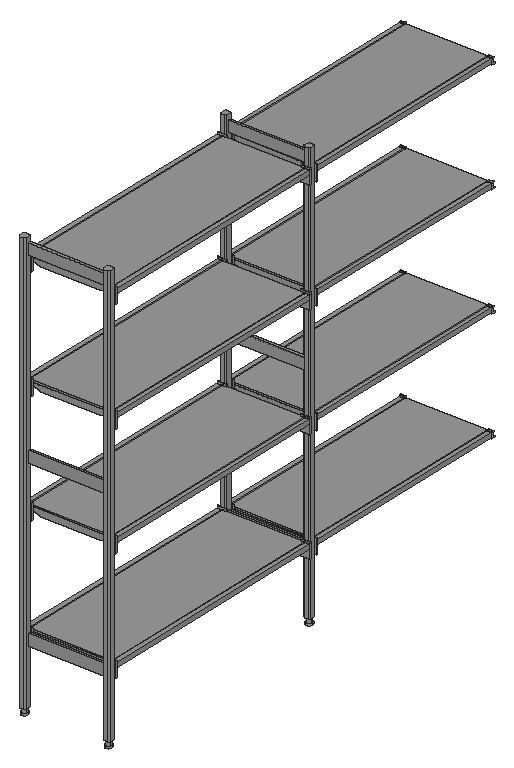
Revit family "QF_ZANUSSI_137063_ACS1928", category Attrezzature speciali, Revit 2020
Family settings
  Quota connettore circolare = Usa diametro
  Tipo di parte = Normale
  Basato su piano di lavoro = No
  Sempre verticale = Sì
  Taglio con vuoti quando caricato = No
  Condiviso = No
  Punto di calcolo locali = No
Parameters (values of type "Standard")
  Weight = 31.00 kg
  Watts = 0 W
  Volts = 0 V
  URL Manufacturer = "http://www.zanussiprofessional.com"
  URL = "http://www.zanussiprofessional.com"
  Steam Supply Size = 0 mm
  Steam Supply Minimum Pressure = 0.0 Pa
  Steam Supply Maximum Pressure = 0.0 Pa
  Steam Consumption per Hour = 0
  Refrigeration Suction Line Size = 0.0 mm
  Refrigeration Liquid Line Size = 0.0 mm
  Refrigerant Compressor Remote = yes
  Prospetto di default = 0.0 mm
  Phase = 0
  Modello = "ACS1928"
  Produttore = "Zanussi"
  Length Actual = 1932.0 mm  # constant formula
  Item Number = "137063"
  Hot Water Size = 0 mm
  Height Actual = 1700.0 mm  # constant formula
  HP = "0 HP"
  Gas Size = 0 mm
  Gas KW = 0
  Gas Input Pressure = 0 W
  Direct Waste Size = 0 mm
  Descrizione = "ALUM.CORNER SHELV.-POLY.TIERS-373X1932MM"
  Depth Actual = 373.0 mm  # constant formula
  Cycle = 0 Hz
  Condensate Return Size = 0 mm
  Compressed Air Volume = 0.0 L/s
  Compressed Air Size = 0 mm
  Compressed Air Pressure = 0.0 Pa
  Cold Water Size = 0 mm
  Accessory = yes
Reference planes
  plane 1: z = 0
  plane 2 "CenterLeft": y = -535.5
  plane 3 "FRONT": y = -921.5
  plane 4 "LEFT": x = 192.5
  plane 5 "RIGHT": x = 565.5
  plane 6 "TOP": z = 1700
  plane 7: y = -889.5
  plane 8: y = 84.5
  plane 9 "Center (Left/Back)": x = 379
  plane 10: x = 205
  plane 11: x = 515
  plane 12 "FEET": z = 25
  plane 13: z = 275
  plane 14: z = 725
  plane 15: z = 1175
  plane 16: z = 1625
  plane 17 "CXLeft": y = -907.5
  plane 18 "Center (Front/Back)": y = 102.5
  plane 19 "CYFront": x = 510
  plane 20: y = 1006.5
  plane 21: y = 120.5
  plane 22 "BACK": y = 1010.5
  plane 23 "LEFT_ORIGIN": x = 158.5
  plane 24 "BACK_ORIGIN": y = 1383.5
Forms (mm)
  Extrusion 1, solid, material "QF_Aluminum"
    sketch origin (38.022, -921.5, -4.006) x (-1, 0, 0) y (0, 0, 1)
      loop
        line (-189.5, 1637.003) -> (-173.5, 1637.003) -> (-173.5, 1655) -> (-175.493, 1655) -> (-175.493, 1648.501) -> (-506.5, 1648.501) -> (-506.5, 1655) -> (-508.5, 1655) -> (-508.5, 1637.003) -> (-492.5, 1637.003) -> (-458.5, 1625) -> (-223.5, 1625) -> (-189.5, 1637.003)
      loop
        line (-189.5, 1187.003) -> (-173.5, 1187.003) -> (-173.5, 1205) -> (-175.493, 1205) -> (-175.493, 1198.501) -> (-506.5, 1198.501) -> (-506.5, 1205) -> (-508.5, 1205) -> (-508.5, 1187.003) -> (-492.5, 1187.003) -> (-458.5, 1175) -> (-223.5, 1175) -> (-189.5, 1187.003)
      loop
        line (-189.5, 737.003) -> (-173.5, 737.003) -> (-173.5, 755) -> (-175.493, 755) -> (-175.493, 748.501) -> (-506.5, 748.501) -> (-506.5, 755) -> (-508.5, 755) -> (-508.5, 737.003) -> (-492.5, 737.003) -> (-458.5, 725) -> (-223.5, 725) -> (-189.5, 737.003)
      loop
        line (-189.5, 287.003) -> (-173.5, 287.003) -> (-173.5, 305) -> (-175.493, 305) -> (-175.493, 298.501) -> (-506.5, 298.501) -> (-506.5, 305) -> (-508.5, 305) -> (-508.5, 287.003) -> (-492.5, 287.003) -> (-458.5, 275) -> (-223.5, 275) -> (-189.5, 287.003)
    from 37 to 32
  Extrusion 2, solid, material "QF_Aluminum"
    sketch origin (38.022, -921.5, 0) x (-1, 0, 0) y (0, 0, 1)
      loop
        line (-154.478, 246.005) -> (-154.478, 307.993) -> (-190.471, 307.993) -> (-190.471, 246.005) -> (-154.478, 246.005)
      loop
        line (-527.478, 246.005) -> (-491.484, 246.005) -> (-491.484, 307.993) -> (-527.478, 307.993) -> (-527.478, 246.005)
      loop
        line (-154.478, 696.005) -> (-154.478, 757.993) -> (-190.471, 757.993) -> (-190.471, 696.005) -> (-154.478, 696.005)
      loop
        line (-527.478, 696.005) -> (-491.484, 696.005) -> (-491.484, 757.993) -> (-527.478, 757.993) -> (-527.478, 696.005)
      loop
        line (-154.478, 1146.005) -> (-154.478, 1207.993) -> (-190.471, 1207.993) -> (-190.471, 1146.005) -> (-154.478, 1146.005)
      loop
        line (-527.478, 1146.005) -> (-491.484, 1146.005) -> (-491.484, 1207.993) -> (-527.478, 1207.993) -> (-527.478, 1146.005)
      loop
        line (-154.478, 1596.005) -> (-154.478, 1657.993) -> (-190.471, 1657.993) -> (-190.471, 1596.005) -> (-154.478, 1596.005)
      loop
        line (-527.478, 1596.005) -> (-491.484, 1596.005) -> (-491.484, 1657.993) -> (-527.478, 1657.993) -> (-527.478, 1596.005)
    from 28 to 32
  Extrusion 3, solid, material "QF_Aluminum"
    sketch origin (38.022, -921.5, 0) x (-1, 0, 0) y (0, 0, 1)
      loop
        line (-154.5, 1650.994) -> (-173.5, 1650.994) -> (-173.5, 1632.998) -> (-154.5, 1632.998) -> (-154.5, 1650.994)
      loop
        line (-154.5, 1200.994) -> (-173.5, 1200.994) -> (-173.5, 1182.998) -> (-154.5, 1182.998) -> (-154.5, 1200.994)
      loop
        line (-154.5, 750.994) -> (-173.5, 750.994) -> (-173.5, 732.998) -> (-154.5, 732.998) -> (-154.5, 750.994)
      loop
        line (-154.5, 300.994) -> (-173.5, 300.994) -> (-173.5, 282.998) -> (-154.5, 282.998) -> (-154.5, 300.994)
      loop
        line (-527.455, 1650.994) -> (-527.455, 1632.998) -> (-508.455, 1632.998) -> (-508.455, 1650.994) -> (-527.455, 1650.994)
      loop
        line (-527.455, 1200.994) -> (-527.455, 1182.998) -> (-508.455, 1182.998) -> (-508.455, 1200.994) -> (-527.455, 1200.994)
      loop
        line (-527.455, 750.994) -> (-527.455, 732.998) -> (-508.455, 732.998) -> (-508.455, 750.994) -> (-527.455, 750.994)
      loop
        line (-527.455, 300.994) -> (-527.455, 282.998) -> (-508.455, 282.998) -> (-508.455, 300.994) -> (-527.455, 300.994)
    from 32 to 1006
  Extrusion 4, solid, material "QF_Polyethylene"
    sketch origin (38.022, -921.5, 0) x (-1, 0, 0) y (0, 0, 1)
      loop
        line (-175.493, 1650.994) -> (-506.5, 1650.994) -> (-506.5, 1644.496) -> (-175.493, 1644.496) -> (-175.493, 1650.994)
      loop
        line (-175.493, 1200.994) -> (-506.5, 1200.994) -> (-506.5, 1194.496) -> (-175.493, 1194.496) -> (-175.493, 1200.994)
      loop
        line (-175.493, 750.994) -> (-506.5, 750.994) -> (-506.5, 744.496) -> (-175.493, 744.496) -> (-175.493, 750.994)
      loop
        line (-175.493, 300.994) -> (-506.5, 300.994) -> (-506.5, 294.496) -> (-175.493, 294.496) -> (-175.493, 300.994)
    from 32 to 1006
  Extrusion 5, solid, material "QF_Aluminum"
    sketch origin (38.022, 684.5, 0) x (-1, 0, 0) y (0, 0, 1)
      loop
        line (-154.5, 1650.994) -> (-173.5, 1650.994) -> (-173.5, 1632.998) -> (-154.5, 1632.998) -> (-154.5, 1650.994)
      loop
        line (-508.5, 1650.994) -> (-527.455, 1650.994) -> (-527.455, 1632.998) -> (-508.5, 1632.998) -> (-508.5, 1650.994)
      loop
        line (-154.5, 1200.994) -> (-173.5, 1200.994) -> (-173.5, 1182.998) -> (-154.5, 1182.998) -> (-154.5, 1200.994)
      loop
        line (-508.5, 1200.994) -> (-527.455, 1200.994) -> (-527.455, 1182.998) -> (-508.5, 1182.998) -> (-508.5, 1200.994)
      loop
        line (-154.5, 750.994) -> (-173.5, 750.994) -> (-173.5, 732.998) -> (-154.5, 732.998) -> (-154.5, 750.994)
      loop
        line (-508.5, 750.994) -> (-527.455, 750.994) -> (-527.455, 732.998) -> (-508.5, 732.998) -> (-508.5, 750.994)
      loop
        line (-154.5, 300.994) -> (-173.5, 300.994) -> (-173.5, 282.998) -> (-154.5, 282.998) -> (-154.5, 300.994)
      loop
        line (-508.5, 300.994) -> (-527.455, 300.994) -> (-527.455, 282.998) -> (-508.5, 282.998) -> (-508.5, 300.994)
    from 322 to -564
  Extrusion 6, solid, material "QF_Polyethylene"
    sketch origin (38.022, 684.5, 0) x (-1, 0, 0) y (0, 0, 1)
      loop
        line (-175.493, 1650.994) -> (-506.5, 1650.994) -> (-506.5, 1644.496) -> (-175.493, 1644.496) -> (-175.493, 1650.994)
      loop
        line (-175.493, 1200.994) -> (-506.5, 1200.994) -> (-506.5, 1194.496) -> (-175.493, 1194.496) -> (-175.493, 1200.994)
      loop
        line (-175.493, 750.994) -> (-506.5, 750.994) -> (-506.5, 744.496) -> (-175.493, 744.496) -> (-175.493, 750.994)
      loop
        line (-175.493, 300.994) -> (-506.5, 300.994) -> (-506.5, 294.496) -> (-175.493, 294.496) -> (-175.493, 300.994)
    from 322 to -564
Lines and regions (mm)
  symbolic lines
    curve 1: line (205, -912.5, 1700) -> (515, -912.5, 1700)
    curve 2: line (515, -902.5, 1700) -> (205, -902.5, 1700)
    curve 3: line (192.5, -893.5, 1700) -> (192.5, 88.5, 1700)
    curve 4: line (565.5, -889.5, 1700) -> (565.5, 84.5, 1700)
    curve 5: line (192.5, 116.5, 1700) -> (192.5, 1010.5, 1700)
    curve 6: line (565.5, 116.5, 1700) -> (565.5, 1010.5, 1700)
    curve 7: line (211.522, 1006.5, 1700) -> (510.507, 1006.5, 1700)
    curve 8: line (211.522, 84.5, 1700) -> (510.507, 84.5, 1700)
    curve 9: line (510.507, 120.5, 1700) -> (211.522, 120.5, 1700)
    curve 10: line (211.522, -889.5, 1700) -> (510.507, -889.5, 1700)
    curve 11: line (211.522, -889.5, 1700) -> (211.522, 84.5, 1700)
    curve 12: line (546.478, 84.5, 1700) -> (546.478, -889.5, 1700)
    curve 13: line (211.522, 120.5, 1700) -> (211.522, 1006.5, 1700)
    curve 14: line (546.522, 652.5, 1700) -> (546.522, -145.5, 1700)
Dimensions and locks
  plane 3 "FRONT" to plane 2 "CenterLeft" = 386.0 mm
  locked: plane 6 "TOP" to level at 1700
  locked: plane 7 to plane 8 at 974
  locked: plane 10 to plane 11 at 310
  plane 10 to plane 9 "Center (Left/Back)" to plane 11 = 174.0 mm, 136.0 mm
  equal spacing: plane 4 "LEFT", plane 9 "Center (Left/Back)", plane 5 "RIGHT"
  plane 12 "FEET" to level = 25.0 mm
  plane 6 "TOP" to plane 12 "FEET" = 1675.0 mm
  plane 13 to plane 12 "FEET" = 250.0 mm
  plane 14 to plane 13 = 450.0 mm
  plane 15 to plane 14 = 450.0 mm
  plane 16 to plane 15 = 450.0 mm
  plane 19 "CYFront" to Extrusion 1 sketch curve = 34.522 mm
  locked: plane 21 to plane 20 at 886
  locked: plane 8 to plane 18 "Center (Front/Back)" at 18
  locked: plane 18 "Center (Front/Back)" to plane 21 at 18
  locked: plane 3 "FRONT" to plane 7 at 32
  locked: plane 4 "LEFT" to plane 5 "RIGHT" at 373
  locked: plane 23 "LEFT_ORIGIN" to plane 5 "RIGHT" at 407
  locked: plane 22 "BACK" to plane 24 "BACK_ORIGIN" at 373
  locked: plane 22 "BACK" to plane 3 "FRONT" at 1932
  aligned and locked: level to plane 1
  aligned and locked: Extrusion 1 to plane 7
  aligned and locked: plane 7 to Extrusion 2
  aligned and locked: Extrusion 4 to plane 7
  aligned and locked: plane 8 to Extrusion 4
  aligned and locked: Extrusion 3 to plane 7
  aligned and locked: plane 8 to Extrusion 3
  aligned and locked: Extrusion 1 sketch curve to Extrusion 1 sketch curve  (x3)
  aligned and locked: Extrusion 4 sketch curve to Extrusion 1  (x4)
  aligned and locked: Extrusion 5 sketch curve to Extrusion 5 sketch curve  (x2)
  aligned and locked: Extrusion 5 to plane 21  (x5)
  aligned and locked: Extrusion 6 to plane 21  (x5)
  aligned and locked: nested 2 to plane 18 "Center (Front/Back)"
  aligned and locked: nested 1 to plane 17 "CXLeft"
  aligned and locked: plane 7 to Extrusion 3  (x3)
  aligned and locked: Extrusion 3 to plane 8  (x4)
  aligned and locked: Extrusion 4 to plane 8  (x4)
  aligned and locked: plane 20 to Extrusion 5
  aligned and locked: plane 20 to Extrusion 6
  aligned and locked: Extrusion 5 to plane 20  (x3)
  aligned and locked: Extrusion 6 to plane 20  (x3)
  aligned and locked: plane 9 "Center (Left/Back)" to nested 2
  aligned and locked: nested 3 to plane 22 "BACK"
Automatic sketch dimensions
  curve 1 to plane 10 = 0.0 mm
  curve 1 to plane 11 = 0.0 mm
  curve 2 to plane 10 = 0.0 mm
  curve 2 to plane 11 = 0.0 mm
  curve 3 to plane 4 "LEFT" = 0.0 mm
  plane 7 to curve 10 = 0.0 mm
  curve 4 to plane 5 "RIGHT" = 0.0 mm
  plane 7 to curve 4 = 0.0 mm
  plane 8 to curve 8 = 0.0 mm
  plane 8 to curve 4 = 0.0 mm
  curve 6 to plane 5 "RIGHT" = 0.0 mm
  curve 5 to plane 4 "LEFT" = 0.0 mm
  curve 9 to plane 21 = 0.0 mm
  plane 20 to curve 7 = 0.0 mm
  plane 7 to curve 3 = 4.0 mm
  plane 17 "CXLeft" to curve 2 = 5.0 mm
  curve 1 to plane 17 "CXLeft" = 5.0 mm
  curve 3 to plane 8 = 4.0 mm
  curve 6 to plane 21 = 4.0 mm
  curve 5 to plane 21 = 4.0 mm
  curve 6 to plane 20 = 4.0 mm
  curve 5 to plane 20 = 4.0 mm
  plane 11 to curve 10 = 4.493 mm
  plane 11 to curve 9 = 4.493 mm
  plane 11 to curve 8 = 4.493 mm
  plane 11 to curve 7 = 4.493 mm
  curve 8 to plane 10 = 6.522 mm
  curve 7 to plane 10 = 6.522 mm
  Extrusion 1 sketch curve to plane 19 "CYFront" = 36.522 mm  (x4)
  Extrusion 1 sketch curve to plane 11 = 15.522 mm  (x4)
  Extrusion 1 sketch curve to plane 13 = 4.006 mm
  Extrusion 1 sketch curve to Extrusion 1 sketch curve = 34.0 mm  (x4)
  Extrusion 1 sketch curve to plane 14 = 4.006 mm
  Extrusion 1 sketch curve to plane 15 = 4.006 mm
  Extrusion 1 sketch curve to plane 16 = 4.006 mm
  Extrusion 1 sketch curve to plane 10 = 56.522 mm  (x4)
  Extrusion 1 sketch curve to plane 10 = 22.522 mm  (x4)
  plane 13 to Extrusion 1 sketch curve = 7.998 mm  (x2)
  Extrusion 1 sketch curve to Extrusion 1 sketch curve = 11.498 mm  (x4)
  Extrusion 1 sketch curve to Extrusion 1 sketch curve = 6.499 mm  (x8)
  plane 14 to Extrusion 1 sketch curve = 7.998 mm  (x2)
  plane 15 to Extrusion 1 sketch curve = 7.998 mm  (x2)
  plane 16 to Extrusion 1 sketch curve = 7.998 mm  (x2)
  Extrusion 2 sketch curve to plane 5 "RIGHT" = 0.0 mm  (x4)
  Extrusion 2 sketch curve to plane 4 "LEFT" = 0.0 mm  (x4)
  Extrusion 2 sketch curve to plane 11 = 14.507 mm  (x4)
  Extrusion 2 sketch curve to plane 10 = 23.493 mm  (x4)
  Extrusion 2 sketch curve to plane 13 = 28.995 mm  (x2)
  plane 13 to Extrusion 2 sketch curve = 32.993 mm  (x2)
  Extrusion 2 sketch curve to plane 14 = 28.995 mm  (x2)
  plane 14 to Extrusion 2 sketch curve = 32.993 mm  (x2)
  Extrusion 2 sketch curve to plane 15 = 28.995 mm  (x2)
  plane 15 to Extrusion 2 sketch curve = 32.993 mm  (x2)
  Extrusion 2 sketch curve to plane 16 = 28.995 mm  (x2)
  plane 16 to Extrusion 2 sketch curve = 32.993 mm  (x2)
  plane 13 to Extrusion 4 sketch curve = 19.496 mm
  Extrusion 4 sketch curve to Extrusion 4 sketch curve = 6.499 mm  (x4)
  plane 14 to Extrusion 4 sketch curve = 19.496 mm
  plane 15 to Extrusion 4 sketch curve = 19.496 mm
  plane 16 to Extrusion 4 sketch curve = 19.496 mm
  plane 5 "RIGHT" to Extrusion 5 sketch curve = 0.022 mm  (x4)
  Extrusion 5 sketch curve to plane 4 "LEFT" = 19.022 mm  (x4)
  Extrusion 5 sketch curve to plane 19 "CYFront" = 36.522 mm  (x2)
  plane 13 to Extrusion 5 sketch curve = 7.998 mm  (x2)
  Extrusion 5 sketch curve to Extrusion 5 sketch curve = 17.997 mm  (x8)
  plane 14 to Extrusion 5 sketch curve = 7.998 mm  (x2)
  plane 15 to Extrusion 5 sketch curve = 7.998 mm  (x2)
  plane 16 to Extrusion 5 sketch curve = 7.998 mm  (x2)
  Extrusion 6 sketch curve to plane 19 "CYFront" = 34.522 mm  (x4)
  plane 13 to Extrusion 6 sketch curve = 19.496 mm
  Extrusion 6 sketch curve to Extrusion 6 sketch curve = 6.499 mm  (x4)
  plane 14 to Extrusion 6 sketch curve = 19.496 mm
  plane 15 to Extrusion 6 sketch curve = 19.496 mm
  plane 16 to Extrusion 6 sketch curve = 19.496 mm
  plane 5 "RIGHT" to Extrusion 3 sketch curve = 0.022 mm  (x4)
  Extrusion 3 sketch curve to Extrusion 3 sketch curve = 19.0 mm  (x4)
  plane 14 to Extrusion 3 sketch curve = 7.998 mm  (x2)
  Extrusion 3 sketch curve to plane 10 = 6.522 mm  (x4)
  Extrusion 3 sketch curve to plane 4 "LEFT" = 0.022 mm  (x4)
  plane 13 to Extrusion 3 sketch curve = 25.994 mm  (x2)
  plane 13 to Extrusion 3 sketch curve = 7.998 mm  (x2)
  Extrusion 3 sketch curve to Extrusion 3 sketch curve = 17.997 mm  (x6)
  plane 15 to Extrusion 3 sketch curve = 7.998 mm  (x2)
  plane 16 to Extrusion 3 sketch curve = 7.998 mm  (x2)
  plane 7 to curve 12 = 0.0 mm
  plane 8 to curve 12 = 0.0 mm
  curve 4 to curve 12 = 19.022 mm
  Extrusion 1 sketch curve to plane 10 = 8.516 mm  (x4)
  Extrusion 1 sketch curve to plane 10 = 6.522 mm  (x2)
  Extrusion 1 sketch curve to Extrusion 1 sketch curve = 1.993 mm  (x2)
  Extrusion 4 sketch curve to plane 10 = 8.516 mm  (x4)
  Extrusion 5 sketch curve to plane 4 "LEFT" = 0.022 mm  (x4)
  Extrusion 6 sketch curve to plane 10 = 8.516 mm  (x4)
Nested families
  nested 1: "WT_Anta373" at (215.5, -504.5, 0) x (0, 1, 0) z (0, 0, 1), type "WT_Anta373"
  nested 2: "WT_Anta373Center" at (215.5, 505.5, 0) x (0, 1, 0) z (0, 0, 1), type "WT_Anta373Center"
  nested 3: "WT_Aggancio373" at (215.5, 1418.5, 0) x (0, 1, 0) z (0, 0, 1), type "WT_Aggancio373"
Definition of nested family "WT_Anta373"
  Parameters
    WidthLeft = A + 64.0 mm  # 772.0 mm
    Width = 1606.0 mm
    Right = WidthLeft / 2  # 386.0 mm
    Default Elevation = 0.0 mm
    Left = -WidthLeft / 2  # -386.0 mm
    Height = 1725.0 mm
    FEET = 25.0 mm
    E = 0.0 mm
    Dint = Depth - 63.0 mm  # 310.0 mm
    Dext = Depth - 8.0 mm  # 365.0 mm
    Depth = 373.0 mm
    DX = (WidthLeft - A) / 2  # 32.0 mm
    B = 798.0 mm
    A = 708.0 mm
  Reference planes
    plane 1: z = 0
    plane 2 "LEFT": x = -417
    plane 3 "BACK": y = 23
    plane 4 "FRONT": y = -350
    plane 5 "TOP": z = 1725
    plane 6 "Center (Front/Back)": y = -163.5
    plane 7: y = -8.5
    plane 8: y = -318.5
    plane 9 "FEET": z = 25
    plane 10: z = 275
    plane 11: z = 725
    plane 12: z = 1175
    plane 13: z = 1625
    plane 14 "CXLeft": x = -403
    plane 15: y = 5.5
    plane 16 "CYBack": y = 5.5
    plane 17 "CYFront": y = -332.5
    plane 18: x = -385.031
    plane 19: x = -380.031
  Forms (mm)
    Extrusion 1, solid
      sketch origin (0, 0, 0) x (1, 0, 0) y (0, 1, 0)
        loop
          line (-417, 13.246) -> (-417, -2.246) -> (-410.746, -8.5) -> (-395.254, -8.5) -> (-389, -2.246) -> (-389, 13.246) -> (-395.254, 19.5) -> (-410.746, 19.5) -> (-417, 13.246)
      from 1725 to 25
    Extrusion 2, solid
      sketch origin (-417, 0, 0) x (0, 1, 0) y (0, 0, 1)
        loop
          line (23, 246.005) -> (23, 307.993) -> (-12.993, 307.993) -> (-12.993, 246.005) -> (23, 246.005)
        loop
          line (-350, 246.005) -> (-314.007, 246.005) -> (-314.007, 307.993) -> (-350, 307.993) -> (-350, 246.005)
        loop
          line (23, 696.005) -> (23, 757.993) -> (-12.993, 757.993) -> (-12.993, 696.005) -> (23, 696.005)
        loop
          line (-350, 696.005) -> (-314.007, 696.005) -> (-314.007, 757.993) -> (-350, 757.993) -> (-350, 696.005)
        loop
          line (23, 1146.005) -> (23, 1207.993) -> (-12.993, 1207.993) -> (-12.993, 1146.005) -> (23, 1146.005)
        loop
          line (-350, 1146.005) -> (-314.007, 1146.005) -> (-314.007, 1207.993) -> (-350, 1207.993) -> (-350, 1146.005)
        loop
          line (23, 1596.005) -> (23, 1657.993) -> (-12.993, 1657.993) -> (-12.993, 1596.005) -> (23, 1596.005)
        loop
          line (-350, 1596.005) -> (-314.007, 1596.005) -> (-314.007, 1657.993) -> (-350, 1657.993) -> (-350, 1596.005)
      from 28 to 32
    Revolve 3, solid
      sketch origin (-403, 0, 0) x (0, 1, 0) y (0, 0, 1)
        loop
          line (5.5, 25) -> (5.5, 0) -> (19, 0) -> (19, 5) -> (14, 5) -> (14, 25) -> (5.5, 25)
        axis (5.5, 25) -> (5.5, 0)
      angle from 0 to 360
    Extrusion 4, solid
      sketch origin (-403, 0, 0) x (0, 1, 0) y (0, 0, 1)
        loop
          line (-8.5, 912.382) -> (-8.5, 957.374) -> (-318.5, 957.374) -> (-318.5, 912.382) -> (-8.5, 912.382)
        loop
          line (-8.5, 1662.244) -> (-8.5, 1707.236) -> (-318.5, 1707.236) -> (-318.5, 1662.244) -> (-8.5, 1662.244)
      from -5 to 5
    Revolve 5, solid
      sketch origin (-403, -627, 0) x (0, -1, 0) y (0, 0, 1)
        loop
          line (-294.5, 25) -> (-294.5, 0) -> (-281, 0) -> (-281, 5) -> (-286, 5) -> (-286, 25) -> (-294.5, 25)
        axis (-294.5, 25) -> (-294.5, 0)
      angle from 0 to 360
    Extrusion 6, solid
      sketch origin (0, -627, 0) x (1, 0, 0) y (0, 1, 0)
        loop
          line (-417, 286.754) -> (-410.746, 280.5) -> (-395.254, 280.5) -> (-389, 286.754) -> (-389, 302.246) -> (-395.254, 308.5) -> (-410.746, 308.5) -> (-417, 302.246) -> (-417, 286.754)
      from 1725 to 25
    Extrusion 7, solid
      sketch origin (-417.031, -0.022, 0) x (0, 1, 0) y (0, 0, -1)
        loop
          line (-12, -1632.998) -> (-46, -1620.994) -> (-281, -1620.994) -> (-315, -1632.998) -> (-331, -1632.998) -> (-331, -1650.994) -> (-329, -1650.994) -> (-329, -1644.496) -> (2.007, -1644.496) -> (2.007, -1650.994) -> (4, -1650.994) -> (4, -1632.998) -> (-12, -1632.998)
        loop
          line (-12, -1182.998) -> (-46, -1170.994) -> (-281, -1170.994) -> (-315, -1182.998) -> (-331, -1182.998) -> (-331, -1200.994) -> (-329, -1200.994) -> (-329, -1194.496) -> (2.007, -1194.496) -> (2.007, -1200.994) -> (4, -1200.994) -> (4, -1182.998) -> (-12, -1182.998)
        loop
          line (-12, -732.998) -> (-46, -720.994) -> (-281, -720.994) -> (-315, -732.998) -> (-331, -732.998) -> (-331, -750.994) -> (-329, -750.994) -> (-329, -744.496) -> (2.007, -744.496) -> (2.007, -750.994) -> (4, -750.994) -> (4, -732.998) -> (-12, -732.998)
        loop
          line (-12, -282.998) -> (-46, -270.994) -> (-281, -270.994) -> (-315, -282.998) -> (-331, -282.998) -> (-331, -300.994) -> (-329, -300.994) -> (-329, -294.496) -> (2.007, -294.496) -> (2.007, -300.994) -> (4, -300.994) -> (4, -282.998) -> (-12, -282.998)
      from -32 to -37
    Extrusion 8, solid
      sketch origin (-403, 0, -659.878) x (0, 1, 0) y (0, 0, 1)
        loop
          line (-8.5, 912.382) -> (-8.5, 957.374) -> (-318.5, 957.374) -> (-318.5, 912.382) -> (-8.5, 912.382)
        loop
          line (-8.5, 1572.382) -> (-8.5, 1617.374) -> (-318.5, 1617.374) -> (-318.5, 1572.382) -> (-8.5, 1572.382)
        loop
          line (-8.5, 2322.382) -> (-8.5, 2367.374) -> (-318.5, 2367.374) -> (-318.5, 2322.382) -> (-8.5, 2322.382)
      from -5 to 5
  Lines and regions (mm)
    symbolic lines
      curve 1: line (-408, -8.5, 1725) -> (-408, -318.5, 1725)
      curve 2: line (-398, -318.5, 1725) -> (-398, -8.5, 1725)
      curve 3: line (-395.254, -8.5, 1725) -> (-410.746, -8.5, 1725)
      curve 4: line (-417, -2.246, 1725) -> (-410.746, -8.5, 1725)
      curve 5: line (-417, 13.246, 1725) -> (-417, -2.246, 1725)
      curve 6: line (-410.746, 19.5, 1725) -> (-417, 13.246, 1725)
      curve 7: line (-395.254, 19.5, 1725) -> (-410.746, 19.5, 1725)
      curve 8: line (-389, 13.246, 1725) -> (-395.254, 19.5, 1725)
      curve 9: line (-395.254, -8.5, 1725) -> (-389, -2.246, 1725)
      curve 10: line (-395.254, -318.5, 1725) -> (-410.746, -318.5, 1725)
      curve 11: line (-417, -324.754, 1725) -> (-410.746, -318.5, 1725)
      curve 12: line (-410.746, -346.5, 1725) -> (-417, -340.246, 1725)
      curve 13: line (-395.254, -346.5, 1725) -> (-410.746, -346.5, 1725)
      curve 14: line (-389, -340.246, 1725) -> (-395.254, -346.5, 1725)
      curve 15: line (-395.254, -318.5, 1725) -> (-389, -324.754, 1725)
      curve 16: line (-389, -350, 1725) -> (-389, -314.007, 1725)
      curve 17: line (-389, -314.007, 1725) -> (-385, -314.007, 1725)
      curve 18: line (-389, 23, 1725) -> (-389, -12.993, 1725)
      curve 19: line (-389, -12.993, 1725) -> (-385, -12.993, 1725)
      curve 20: line (-417, -324.754, 1725) -> (-417, -340.246, 1725)
      curve 21: line (-385, -350, 1725) -> (-385, -314.007, 1725)
      curve 22: line (-385, -350, 1725) -> (-389, -350, 1725)
      curve 23: line (-385, 23, 1725) -> (-389, 23, 1725)
      curve 24: line (-385, -12.993, 1725) -> (-385, 23, 1725)
      curve 25: line (-385.031, -13.016, 1725) -> (-385.031, -314.029, 1725)
  Dimensions and locks
    "Height": plane 5 "TOP" to level
    "Depth": plane 3 "BACK" to plane 4 "FRONT"
    "Dint": plane 7 to plane 8
    equal spacing: plane 7, plane 6 "Center (Front/Back)", plane 8
    equal spacing: plane 3 "BACK", plane 6 "Center (Front/Back)", plane 4 "FRONT"
    plane 9 "FEET" to level = 25.0 mm
    plane 5 "TOP" to plane 9 "FEET" = 1700.0 mm
    plane 10 to plane 9 "FEET" = 250.0 mm
    plane 11 to plane 10 = 450.0 mm
    plane 12 to plane 11 = 450.0 mm
    plane 13 to plane 12 = 450.0 mm
    locked: plane 2 "LEFT" to plane 14 "CXLeft" at 14
    locked: plane 3 "BACK" to plane 16 "CYBack" at 17.5
    locked: plane 17 "CYFront" to plane 4 "FRONT" at 17.5
    locked: Revolve 3 sketch curve to Revolve 3 sketch curve at 8.5
    locked: Revolve 3 sketch curve to plane 16 "CYBack" at 13.5
    locked: Revolve 5 sketch curve to Revolve 5 sketch curve at 8.5
    aligned and locked: level to plane 1
    aligned and locked: curve 20 to Extrusion 6
    aligned and locked: plane 5 "TOP" to Extrusion 1
    aligned and locked: plane 5 "TOP" to Extrusion 6
    aligned and locked: Extrusion 7 sketch curve to Extrusion 7 sketch curve  (x3)
  Automatic sketch dimensions
    curve 16 to plane 4 "FRONT" = 0.0 mm
    curve 11 to plane 8 = 0.0 mm
    curve 9 to plane 7 = 0.0 mm
    curve 5 to plane 2 "LEFT" = 0.0 mm
    curve 23 to plane 3 "BACK" = 0.0 mm
    plane 4 "FRONT" to curve 13 = 3.5 mm
    curve 20 to plane 17 "CYFront" = 7.746 mm
    curve 20 to plane 8 = 6.254 mm
    plane 8 to curve 16 = 4.493 mm
    curve 24 to plane 18 = 0.031 mm
    curve 24 to plane 7 = 4.493 mm
    plane 7 to curve 5 = 6.254 mm
    curve 5 to plane 15 = 7.746 mm
    curve 6 to plane 3 "BACK" = 3.5 mm
    curve 21 to plane 18 = 0.031 mm
    plane 18 to curve 23 = 3.969 mm
    plane 18 to curve 16 = 3.969 mm
    curve 18 to curve 8 = 6.254 mm
    curve 18 to curve 3 = 6.254 mm
    curve 16 to curve 13 = 6.254 mm
    curve 16 to curve 15 = 6.254 mm
    plane 2 "LEFT" to curve 10 = 6.254 mm
    plane 2 "LEFT" to curve 7 = 6.254 mm
    plane 2 "LEFT" to curve 12 = 6.254 mm
    plane 2 "LEFT" to curve 3 = 6.254 mm
    curve 14 to plane 17 "CYFront" = 7.746 mm
    curve 15 to plane 8 = 6.254 mm
    plane 7 to curve 9 = 6.254 mm
    curve 8 to plane 15 = 7.746 mm
    curve 3 to curve 2 = 2.746 mm
    curve 1 to curve 10 = 2.746 mm
    Extrusion 1 sketch curve to plane 2 "LEFT" = 0.0 mm
    Extrusion 1 sketch curve to plane 7 = 0.0 mm
    plane 2 "LEFT" to Extrusion 1 sketch curve = 6.254 mm  (x2)
    plane 14 "CXLeft" to Extrusion 1 sketch curve = 7.746 mm  (x2)
    Extrusion 1 sketch curve to plane 3 "BACK" = 3.5 mm
    plane 18 to Extrusion 1 sketch curve = 3.969 mm
    plane 7 to Extrusion 1 sketch curve = 6.254 mm  (x2)
    Extrusion 1 sketch curve to plane 15 = 7.746 mm  (x2)
    Extrusion 2 sketch curve to plane 4 "FRONT" = 0.0 mm  (x4)
    Extrusion 2 sketch curve to plane 3 "BACK" = 0.0 mm  (x4)
    plane 8 to Extrusion 2 sketch curve = 4.493 mm  (x4)
    Extrusion 2 sketch curve to plane 7 = 4.493 mm  (x4)
    Extrusion 2 sketch curve to plane 10 = 28.995 mm  (x2)
    plane 10 to Extrusion 2 sketch curve = 32.993 mm  (x2)
    Extrusion 2 sketch curve to plane 11 = 28.995 mm  (x2)
    plane 11 to Extrusion 2 sketch curve = 32.993 mm  (x2)
    Extrusion 2 sketch curve to plane 12 = 28.995 mm  (x2)
    plane 12 to Extrusion 2 sketch curve = 32.993 mm  (x2)
    Extrusion 2 sketch curve to plane 13 = 28.995 mm  (x2)
    plane 13 to Extrusion 2 sketch curve = 32.993 mm  (x2)
    Revolve 3 sketch curve to plane 9 "FEET" = 0.0 mm  (x2)
    Revolve 3 sketch curve to plane 15 = 0.0 mm  (x2)
    Revolve 3 sketch curve to level = 0.0 mm
    level to Revolve 3 sketch curve = 5.0 mm
    Revolve 3 sketch curve to Revolve 3 sketch curve = 11.655 mm
    Extrusion 4 sketch curve to plane 8 = 0.0 mm  (x2)
    Extrusion 4 sketch curve to plane 7 = 0.0 mm  (x2)
    plane 11 to Extrusion 4 sketch curve = 187.382 mm
    Extrusion 4 sketch curve to Extrusion 4 sketch curve = 44.992 mm
    plane 13 to Extrusion 4 sketch curve = 37.244 mm
    Extrusion 4 sketch curve to plane 5 "TOP" = 17.764 mm
    Revolve 5 sketch curve to plane 9 "FEET" = 0.0 mm  (x2)
    Revolve 5 sketch curve to plane 17 "CYFront" = 0.0 mm  (x2)
    Revolve 5 sketch curve to level = 0.0 mm
    Revolve 5 sketch curve to plane 4 "FRONT" = 4.0 mm
    Revolve 5 sketch curve to Revolve 5 sketch curve = 5.0 mm
    level to Revolve 5 sketch curve = 11.655 mm
    Extrusion 6 sketch curve to plane 2 "LEFT" = 0.0 mm
    Extrusion 6 sketch curve to plane 8 = 0.0 mm
    Extrusion 6 sketch curve to plane 2 "LEFT" = 6.254 mm  (x2)
    Extrusion 6 sketch curve to plane 14 "CXLeft" = 7.746 mm  (x2)
    Extrusion 6 sketch curve to plane 4 "FRONT" = 3.5 mm
    Extrusion 6 sketch curve to plane 18 = 3.969 mm
    plane 8 to Extrusion 6 sketch curve = 6.254 mm  (x2)
    plane 17 "CYFront" to Extrusion 6 sketch curve = 7.746 mm  (x2)
    plane 17 "CYFront" to Extrusion 7 sketch curve = 1.478 mm  (x4)
    Extrusion 7 sketch curve to Extrusion 7 sketch curve = 2.0 mm
    plane 8 to Extrusion 7 sketch curve = 3.478 mm  (x4)
    Extrusion 7 sketch curve to plane 10 = 4.006 mm
    Extrusion 7 sketch curve to Extrusion 7 sketch curve = 34.0 mm  (x4)
    Extrusion 7 sketch curve to plane 11 = 4.006 mm
    Extrusion 7 sketch curve to plane 12 = 4.006 mm
    Extrusion 7 sketch curve to plane 13 = 4.006 mm
    Extrusion 7 sketch curve to plane 7 = 37.522 mm  (x4)
    Extrusion 7 sketch curve to plane 7 = 3.522 mm  (x4)
    plane 15 to Extrusion 7 sketch curve = 3.516 mm  (x4)
    plane 15 to Extrusion 7 sketch curve = 1.522 mm  (x4)
    plane 13 to Extrusion 7 sketch curve = 7.998 mm  (x2)
    Extrusion 7 sketch curve to Extrusion 7 sketch curve = 11.498 mm
    Extrusion 7 sketch curve to Extrusion 7 sketch curve = 6.499 mm  (x5)
    plane 12 to Extrusion 7 sketch curve = 25.994 mm  (x2)
    plane 12 to Extrusion 7 sketch curve = 7.998 mm  (x2)
    plane 11 to Extrusion 7 sketch curve = 25.994 mm  (x2)
    plane 11 to Extrusion 7 sketch curve = 7.998 mm  (x2)
    plane 10 to Extrusion 7 sketch curve = 25.994 mm  (x2)
    plane 10 to Extrusion 7 sketch curve = 7.998 mm  (x2)
    curve 25 to plane 18 = 0.0 mm
    plane 8 to curve 25 = 4.471 mm
    curve 25 to plane 7 = 4.516 mm
    Extrusion 8 sketch curve to plane 8 = 0.0 mm  (x3)
    Extrusion 8 sketch curve to plane 7 = 0.0 mm  (x3)
    Extrusion 8 sketch curve to plane 10 = 22.496 mm
    plane 10 to Extrusion 8 sketch curve = 22.496 mm
    plane 11 to Extrusion 8 sketch curve = 187.504 mm
    Extrusion 8 sketch curve to Extrusion 8 sketch curve = 44.992 mm
    plane 13 to Extrusion 8 sketch curve = 37.504 mm
    Extrusion 8 sketch curve to plane 5 "TOP" = 17.504 mm
Definition of nested family "WT_Anta373Center"
  Parameters
    WidthLeft = A + 64.0 mm  # 772.0 mm
    Width = 1606.0 mm
    Right = WidthLeft / 2  # 386.0 mm
    Default Elevation = 0.0 mm
    Left = -WidthLeft / 2  # -386.0 mm
    Height = 1725.0 mm
    FEET = 25.0 mm
    E = 0.0 mm
    Dint = Depth - 63.0 mm  # 310.0 mm
    Dext = Depth - 8.0 mm  # 365.0 mm
    Depth = 373.0 mm
    DX = (WidthLeft - A) / 2  # 32.0 mm
    B = 798.0 mm
    A = 708.0 mm
  Reference planes
    plane 1: z = 0
    plane 2 "L": x = -417
    plane 3 "BACK": y = 23
    plane 4 "FRONT": y = -350
    plane 5 "TOP": z = 1725
    plane 6 "Center (Front/Back)": y = -163.5
    plane 7: y = -8.5
    plane 8: y = -318.5
    plane 9 "FEET": z = 25
    plane 10: z = 275
    plane 11: z = 725
    plane 12: z = 1175
    plane 13: z = 1625
    plane 14 "CXLeft": x = -403
    plane 15: y = 5.5
    plane 16 "CYBack": y = 5.5
    plane 17 "CYFront": y = -332.5
    plane 18: x = -385.031
    plane 19 "RIGHT": x = -380.031
    plane 20: x = -420.969
    plane 21 "LEFT": x = -425.969
  Forms (mm)
    Extrusion 1, solid
      sketch origin (0, 0, 0) x (1, 0, 0) y (0, 1, 0)
        loop
          line (-417, 13.246) -> (-417, -2.246) -> (-410.746, -8.5) -> (-395.254, -8.5) -> (-389, -2.246) -> (-389, 13.246) -> (-395.254, 19.5) -> (-410.746, 19.5) -> (-417, 13.246)
      from 1725 to 25
    Extrusion 2, solid
      sketch origin (-417, 0, 0) x (0, 1, 0) y (0, 0, 1)
        loop
          line (23, 246.005) -> (23, 307.993) -> (-12.993, 307.993) -> (-12.993, 246.005) -> (23, 246.005)
        loop
          line (-350, 246.005) -> (-314.007, 246.005) -> (-314.007, 307.993) -> (-350, 307.993) -> (-350, 246.005)
        loop
          line (23, 696.005) -> (23, 757.993) -> (-12.993, 757.993) -> (-12.993, 696.005) -> (23, 696.005)
        loop
          line (-350, 696.005) -> (-314.007, 696.005) -> (-314.007, 757.993) -> (-350, 757.993) -> (-350, 696.005)
        loop
          line (23, 1146.005) -> (23, 1207.993) -> (-12.993, 1207.993) -> (-12.993, 1146.005) -> (23, 1146.005)
        loop
          line (-350, 1146.005) -> (-314.007, 1146.005) -> (-314.007, 1207.993) -> (-350, 1207.993) -> (-350, 1146.005)
        loop
          line (23, 1596.005) -> (23, 1657.993) -> (-12.993, 1657.993) -> (-12.993, 1596.005) -> (23, 1596.005)
        loop
          line (-350, 1596.005) -> (-314.007, 1596.005) -> (-314.007, 1657.993) -> (-350, 1657.993) -> (-350, 1596.005)
      from 28 to 32
    Revolve 3, solid
      sketch origin (-403, 0, 0) x (0, 1, 0) y (0, 0, 1)
        loop
          line (5.5, 25) -> (5.5, 0) -> (19, 0) -> (19, 5) -> (14, 5) -> (14, 25) -> (5.5, 25)
        axis (5.5, 25) -> (5.5, 0)
      angle from 0 to 360
    Extrusion 4, solid
      sketch origin (-403, 0, 0) x (0, 1, 0) y (0, 0, 1)
        loop
          line (-8.5, 912.382) -> (-8.5, 957.374) -> (-318.5, 957.374) -> (-318.5, 912.382) -> (-8.5, 912.382)
        loop
          line (-8.5, 1662.244) -> (-8.5, 1707.236) -> (-318.5, 1707.236) -> (-318.5, 1662.244) -> (-8.5, 1662.244)
      from -5 to 5
    Revolve 5, solid
      sketch origin (-403, -627, 0) x (0, -1, 0) y (0, 0, 1)
        loop
          line (-294.5, 25) -> (-294.5, 0) -> (-281, 0) -> (-281, 5) -> (-286, 5) -> (-286, 25) -> (-294.5, 25)
        axis (-294.5, 25) -> (-294.5, 0)
      angle from 0 to 360
    Extrusion 6, solid
      sketch origin (0, -627, 0) x (1, 0, 0) y (0, 1, 0)
        loop
          line (-417, 286.754) -> (-410.746, 280.5) -> (-395.254, 280.5) -> (-389, 286.754) -> (-389, 302.246) -> (-395.254, 308.5) -> (-410.746, 308.5) -> (-417, 302.246) -> (-417, 286.754)
      from 1725 to 25
    Extrusion 7, solid
      sketch origin (-417.031, -0.022, 0) x (0, 1, 0) y (0, 0, -1)
        loop
          line (-12, -1632.998) -> (-46, -1620.994) -> (-281, -1620.994) -> (-315, -1632.998) -> (-331, -1632.998) -> (-331, -1650.994) -> (-329, -1650.994) -> (-329, -1644.496) -> (2.007, -1644.496) -> (2.007, -1650.994) -> (4, -1650.994) -> (4, -1632.998) -> (-12, -1632.998)
        loop
          line (-12, -1182.998) -> (-46, -1170.994) -> (-281, -1170.994) -> (-315, -1182.998) -> (-331, -1182.998) -> (-331, -1200.994) -> (-329, -1200.994) -> (-329, -1194.496) -> (2.007, -1194.496) -> (2.007, -1200.994) -> (4, -1200.994) -> (4, -1182.998) -> (-12, -1182.998)
        loop
          line (-12, -732.998) -> (-46, -720.994) -> (-281, -720.994) -> (-315, -732.998) -> (-331, -732.998) -> (-331, -750.994) -> (-329, -750.994) -> (-329, -744.496) -> (2.007, -744.496) -> (2.007, -750.994) -> (4, -750.994) -> (4, -732.998) -> (-12, -732.998)
        loop
          line (-12, -282.998) -> (-46, -270.994) -> (-281, -270.994) -> (-315, -282.998) -> (-331, -282.998) -> (-331, -300.994) -> (-329, -300.994) -> (-329, -294.496) -> (2.007, -294.496) -> (2.007, -300.994) -> (4, -300.994) -> (4, -282.998) -> (-12, -282.998)
      from -32 to -37
    Extrusion 8, solid
      sketch origin (-403, 0, -659.878) x (0, 1, 0) y (0, 0, 1)
        loop
          line (-8.5, 912.382) -> (-8.5, 957.374) -> (-318.5, 957.374) -> (-318.5, 912.382) -> (-8.5, 912.382)
        loop
          line (-8.5, 1572.382) -> (-8.5, 1617.374) -> (-318.5, 1617.374) -> (-318.5, 1572.382) -> (-8.5, 1572.382)
        loop
          line (-8.5, 2322.382) -> (-8.5, 2367.374) -> (-318.5, 2367.374) -> (-318.5, 2322.382) -> (-8.5, 2322.382)
      from -5 to 5
    Extrusion 9, solid
      sketch origin (-389, 0, 0) x (0, 1, 0) y (0, 0, -1)
        loop
          line (23, -246.005) -> (-12.993, -246.005) -> (-12.993, -307.993) -> (23, -307.993) -> (23, -246.005)
        loop
          line (-350, -246.005) -> (-350, -307.993) -> (-314.007, -307.993) -> (-314.007, -246.005) -> (-350, -246.005)
        loop
          line (23, -696.005) -> (-12.993, -696.005) -> (-12.993, -757.993) -> (23, -757.993) -> (23, -696.005)
        loop
          line (-350, -696.005) -> (-350, -757.993) -> (-314.007, -757.993) -> (-314.007, -696.005) -> (-350, -696.005)
        loop
          line (23, -1146.005) -> (-12.993, -1146.005) -> (-12.993, -1207.993) -> (23, -1207.993) -> (23, -1146.005)
        loop
          line (-350, -1146.005) -> (-350, -1207.993) -> (-314.007, -1207.993) -> (-314.007, -1146.005) -> (-350, -1146.005)
        loop
          line (23, -1596.005) -> (-12.993, -1596.005) -> (-12.993, -1657.993) -> (23, -1657.993) -> (23, -1596.005)
        loop
          line (-350, -1596.005) -> (-350, -1657.993) -> (-314.007, -1657.993) -> (-314.007, -1596.005) -> (-350, -1596.005)
      from 28 to 32
    Extrusion 10, solid
      sketch origin (-388.969, -0.022, 0) x (0, 1, 0) y (0, 0, 1)
        loop
          line (-12, 1632.998) -> (4, 1632.998) -> (4, 1650.994) -> (2.007, 1650.994) -> (2.007, 1644.496) -> (-329, 1644.496) -> (-329, 1650.994) -> (-331, 1650.994) -> (-331, 1632.998) -> (-315, 1632.998) -> (-281, 1620.994) -> (-46, 1620.994) -> (-12, 1632.998)
        loop
          line (-12, 1182.998) -> (4, 1182.998) -> (4, 1200.994) -> (2.007, 1200.994) -> (2.007, 1194.496) -> (-329, 1194.496) -> (-329, 1200.994) -> (-331, 1200.994) -> (-331, 1182.998) -> (-315, 1182.998) -> (-281, 1170.994) -> (-46, 1170.994) -> (-12, 1182.998)
        loop
          line (-12, 732.998) -> (4, 732.998) -> (4, 750.994) -> (2.007, 750.994) -> (2.007, 744.496) -> (-329, 744.496) -> (-329, 750.994) -> (-331, 750.994) -> (-331, 732.998) -> (-315, 732.998) -> (-281, 720.994) -> (-46, 720.994) -> (-12, 732.998)
        loop
          line (-12, 282.998) -> (4, 282.998) -> (4, 300.994) -> (2.007, 300.994) -> (2.007, 294.496) -> (-329, 294.496) -> (-329, 300.994) -> (-331, 300.994) -> (-331, 282.998) -> (-315, 282.998) -> (-281, 270.994) -> (-46, 270.994) -> (-12, 282.998)
      from -32 to -37
  Lines and regions (mm)
    symbolic lines
      curve 1: line (-408, -8.5, 1725) -> (-408, -318.5, 1725)
      curve 2: line (-398, -318.5, 1725) -> (-398, -8.5, 1725)
      curve 3: line (-395.254, -8.5, 1725) -> (-410.746, -8.5, 1725)
      curve 4: line (-417, -2.246, 1725) -> (-410.746, -8.5, 1725)
      curve 5: line (-410.746, 19.5, 1725) -> (-417, 13.246, 1725)
      curve 6: line (-395.254, 19.5, 1725) -> (-410.746, 19.5, 1725)
      curve 7: line (-389, 13.246, 1725) -> (-395.254, 19.5, 1725)
      curve 8: line (-395.254, -8.5, 1725) -> (-389, -2.246, 1725)
      curve 9: line (-395.254, -318.5, 1725) -> (-410.746, -318.5, 1725)
      curve 10: line (-417, -324.754, 1725) -> (-410.746, -318.5, 1725)
      curve 11: line (-410.746, -346.5, 1725) -> (-417, -340.246, 1725)
      curve 12: line (-395.254, -346.5, 1725) -> (-410.746, -346.5, 1725)
      curve 13: line (-389, -340.246, 1725) -> (-395.254, -346.5, 1725)
      curve 14: line (-395.254, -318.5, 1725) -> (-389, -324.754, 1725)
      curve 15: line (-389, -350, 1725) -> (-389, -314.007, 1725)
      curve 16: line (-389, -314.007, 1725) -> (-385, -314.007, 1725)
      curve 17: line (-389, 23, 1725) -> (-389, -12.993, 1725)
      curve 18: line (-389, -12.993, 1725) -> (-385, -12.993, 1725)
      curve 19: line (-385, -350, 1725) -> (-385, -314.007, 1725)
      curve 20: line (-385, -350, 1725) -> (-389, -350, 1725)
      curve 21: line (-385, 23, 1725) -> (-389, 23, 1725)
      curve 22: line (-385, -12.993, 1725) -> (-385, 23, 1725)
      curve 23: line (-385.031, -13.016, 1725) -> (-385.031, -314.029, 1725)
      curve 24: line (-417, -350, 1725) -> (-417, -314.007, 1725)
      curve 25: line (-417, -314.007, 1725) -> (-421, -314.007, 1725)
      curve 26: line (-417, 23, 1725) -> (-417, -12.993, 1725)
      curve 27: line (-417, -12.993, 1725) -> (-421, -12.993, 1725)
      curve 28: line (-421, -350, 1725) -> (-421, -314.007, 1725)
      curve 29: line (-421, -350, 1725) -> (-417, -350, 1725)
      curve 30: line (-421, 23, 1725) -> (-417, 23, 1725)
      curve 31: line (-421, -12.993, 1725) -> (-421, 23, 1725)
      curve 32: line (-420.969, -13.016, 1725) -> (-420.969, -314.029, 1725)
  Dimensions and locks
    "Height": plane 5 "TOP" to level
    "Depth": plane 3 "BACK" to plane 4 "FRONT"
    "Dint": plane 7 to plane 8
    equal spacing: plane 7, plane 6 "Center (Front/Back)", plane 8
    equal spacing: plane 3 "BACK", plane 6 "Center (Front/Back)", plane 4 "FRONT"
    plane 9 "FEET" to level = 25.0 mm
    plane 5 "TOP" to plane 9 "FEET" = 1700.0 mm
    plane 10 to plane 9 "FEET" = 250.0 mm
    plane 11 to plane 10 = 450.0 mm
    plane 12 to plane 11 = 450.0 mm
    plane 13 to plane 12 = 450.0 mm
    locked: plane 3 "BACK" to plane 16 "CYBack" at 17.5
    locked: plane 17 "CYFront" to plane 4 "FRONT" at 17.5
    locked: Revolve 3 sketch curve to Revolve 3 sketch curve at 8.5
    locked: Revolve 3 sketch curve to plane 16 "CYBack" at 13.5
    locked: Revolve 5 sketch curve to Revolve 5 sketch curve at 8.5
    aligned and locked: level to plane 1
    aligned and locked: plane 5 "TOP" to Extrusion 1
    aligned and locked: plane 5 "TOP" to Extrusion 6
    aligned and locked: Extrusion 7 sketch curve to Extrusion 7 sketch curve  (x3)
    aligned and locked: Extrusion 10 sketch curve to Extrusion 10 sketch curve  (x3)
  Automatic sketch dimensions
    curve 15 to plane 4 "FRONT" = 0.0 mm
    curve 28 to plane 4 "FRONT" = 0.0 mm
    curve 9 to plane 8 = 0.0 mm
    curve 25 to plane 2 "L" = 0.0 mm
    curve 8 to plane 7 = 0.0 mm
    curve 17 to plane 3 "BACK" = 0.0 mm
    curve 30 to plane 3 "BACK" = 0.0 mm
    plane 4 "FRONT" to curve 11 = 3.5 mm
    curve 19 to plane 18 = 0.031 mm
    plane 8 to curve 19 = 4.493 mm
    plane 8 to curve 25 = 4.493 mm
    curve 27 to plane 20 = 0.031 mm
    curve 27 to plane 7 = 4.493 mm
    curve 17 to plane 7 = 4.493 mm
    curve 5 to plane 15 = 7.746 mm
    curve 7 to plane 3 "BACK" = 3.5 mm
    curve 18 to plane 18 = 0.031 mm
    plane 18 to curve 21 = 3.969 mm
    plane 18 to curve 20 = 3.969 mm
    curve 15 to curve 9 = 6.254 mm
    curve 17 to curve 7 = 6.254 mm
    curve 17 to curve 3 = 6.254 mm
    curve 15 to curve 12 = 6.254 mm
    plane 2 "L" to curve 12 = 6.254 mm
    plane 2 "L" to curve 4 = 6.254 mm
    plane 2 "L" to curve 10 = 6.254 mm
    plane 2 "L" to curve 5 = 6.254 mm
    curve 28 to plane 20 = 0.031 mm
    curve 13 to plane 17 "CYFront" = 7.746 mm
    curve 14 to plane 8 = 6.254 mm
    plane 7 to curve 8 = 6.254 mm
    curve 7 to plane 15 = 7.746 mm
    curve 9 to curve 2 = 2.746 mm
    curve 1 to curve 9 = 2.746 mm
    Extrusion 1 sketch curve to plane 2 "L" = 0.0 mm
    Extrusion 1 sketch curve to plane 7 = 0.0 mm
    plane 2 "L" to Extrusion 1 sketch curve = 6.254 mm  (x2)
    plane 14 "CXLeft" to Extrusion 1 sketch curve = 7.746 mm  (x2)
    Extrusion 1 sketch curve to plane 3 "BACK" = 3.5 mm
    plane 18 to Extrusion 1 sketch curve = 3.969 mm
    plane 7 to Extrusion 1 sketch curve = 6.254 mm  (x2)
    Extrusion 1 sketch curve to plane 15 = 7.746 mm  (x2)
    Extrusion 2 sketch curve to plane 4 "FRONT" = 0.0 mm  (x4)
    Extrusion 2 sketch curve to plane 3 "BACK" = 0.0 mm  (x4)
    plane 8 to Extrusion 2 sketch curve = 4.493 mm  (x4)
    Extrusion 2 sketch curve to plane 7 = 4.493 mm  (x4)
    Extrusion 2 sketch curve to plane 10 = 28.995 mm  (x2)
    plane 10 to Extrusion 2 sketch curve = 32.993 mm  (x2)
    Extrusion 2 sketch curve to plane 11 = 28.995 mm  (x2)
    plane 11 to Extrusion 2 sketch curve = 32.993 mm  (x2)
    Extrusion 2 sketch curve to plane 12 = 28.995 mm  (x2)
    plane 12 to Extrusion 2 sketch curve = 32.993 mm  (x2)
    Extrusion 2 sketch curve to plane 13 = 28.995 mm  (x2)
    plane 13 to Extrusion 2 sketch curve = 32.993 mm  (x2)
    Revolve 3 sketch curve to plane 9 "FEET" = 0.0 mm  (x2)
    Revolve 3 sketch curve to plane 15 = 0.0 mm  (x2)
    Revolve 3 sketch curve to level = 0.0 mm
    level to Revolve 3 sketch curve = 5.0 mm
    Revolve 3 sketch curve to Revolve 3 sketch curve = 11.655 mm
    Extrusion 4 sketch curve to plane 8 = 0.0 mm  (x2)
    Extrusion 4 sketch curve to plane 7 = 0.0 mm  (x2)
    plane 11 to Extrusion 4 sketch curve = 187.382 mm
    Extrusion 4 sketch curve to Extrusion 4 sketch curve = 44.992 mm
    plane 13 to Extrusion 4 sketch curve = 37.244 mm
    Extrusion 4 sketch curve to plane 5 "TOP" = 17.764 mm
    Revolve 5 sketch curve to plane 9 "FEET" = 0.0 mm  (x2)
    Revolve 5 sketch curve to plane 17 "CYFront" = 0.0 mm  (x2)
    Revolve 5 sketch curve to level = 0.0 mm
    Revolve 5 sketch curve to plane 4 "FRONT" = 4.0 mm
    Revolve 5 sketch curve to Revolve 5 sketch curve = 5.0 mm
    level to Revolve 5 sketch curve = 11.655 mm
    Extrusion 6 sketch curve to plane 2 "L" = 0.0 mm
    Extrusion 6 sketch curve to plane 8 = 0.0 mm
    Extrusion 6 sketch curve to plane 2 "L" = 6.254 mm  (x2)
    Extrusion 6 sketch curve to plane 14 "CXLeft" = 7.746 mm  (x2)
    Extrusion 6 sketch curve to plane 4 "FRONT" = 3.5 mm
    Extrusion 6 sketch curve to plane 18 = 3.969 mm
    plane 8 to Extrusion 6 sketch curve = 6.254 mm  (x2)
    plane 17 "CYFront" to Extrusion 6 sketch curve = 7.746 mm  (x2)
    plane 17 "CYFront" to Extrusion 7 sketch curve = 1.478 mm  (x4)
    Extrusion 7 sketch curve to Extrusion 7 sketch curve = 2.0 mm
    plane 8 to Extrusion 7 sketch curve = 3.478 mm  (x4)
    Extrusion 7 sketch curve to plane 10 = 4.006 mm
    Extrusion 7 sketch curve to Extrusion 7 sketch curve = 34.0 mm  (x4)
    Extrusion 7 sketch curve to plane 11 = 4.006 mm
    Extrusion 7 sketch curve to plane 12 = 4.006 mm
    Extrusion 7 sketch curve to plane 13 = 4.006 mm
    Extrusion 7 sketch curve to plane 7 = 37.522 mm  (x4)
    Extrusion 7 sketch curve to plane 7 = 3.522 mm  (x4)
    plane 15 to Extrusion 7 sketch curve = 3.516 mm  (x4)
    plane 15 to Extrusion 7 sketch curve = 1.522 mm  (x4)
    plane 13 to Extrusion 7 sketch curve = 7.998 mm  (x2)
    Extrusion 7 sketch curve to Extrusion 7 sketch curve = 11.498 mm
    Extrusion 7 sketch curve to Extrusion 7 sketch curve = 6.499 mm  (x5)
    plane 12 to Extrusion 7 sketch curve = 25.994 mm  (x2)
    plane 12 to Extrusion 7 sketch curve = 7.998 mm  (x2)
    plane 11 to Extrusion 7 sketch curve = 25.994 mm  (x2)
    plane 11 to Extrusion 7 sketch curve = 7.998 mm  (x2)
    plane 10 to Extrusion 7 sketch curve = 25.994 mm  (x2)
    plane 10 to Extrusion 7 sketch curve = 7.998 mm  (x2)
    curve 23 to plane 18 = 0.0 mm
    curve 32 to plane 20 = 0.0 mm
    plane 8 to curve 23 = 4.471 mm
    plane 8 to curve 32 = 4.471 mm
    curve 32 to plane 7 = 4.516 mm
    curve 23 to plane 7 = 4.516 mm
    Extrusion 8 sketch curve to plane 8 = 0.0 mm  (x3)
    Extrusion 8 sketch curve to plane 7 = 0.0 mm  (x3)
    Extrusion 8 sketch curve to plane 10 = 22.496 mm
    plane 10 to Extrusion 8 sketch curve = 22.496 mm
    plane 11 to Extrusion 8 sketch curve = 187.504 mm
    Extrusion 8 sketch curve to Extrusion 8 sketch curve = 44.992 mm
    plane 13 to Extrusion 8 sketch curve = 37.504 mm
    Extrusion 8 sketch curve to plane 5 "TOP" = 17.504 mm
    Extrusion 9 sketch curve to plane 4 "FRONT" = 0.0 mm  (x4)
    Extrusion 9 sketch curve to plane 3 "BACK" = 0.0 mm  (x4)
    plane 8 to Extrusion 9 sketch curve = 4.493 mm  (x4)
    Extrusion 9 sketch curve to plane 7 = 4.493 mm  (x4)
    plane 13 to Extrusion 9 sketch curve = 32.993 mm  (x2)
    Extrusion 9 sketch curve to plane 13 = 28.995 mm  (x2)
    plane 12 to Extrusion 9 sketch curve = 32.993 mm  (x2)
    Extrusion 9 sketch curve to plane 12 = 28.995 mm  (x2)
    plane 11 to Extrusion 9 sketch curve = 32.993 mm  (x2)
    Extrusion 9 sketch curve to plane 11 = 28.995 mm  (x2)
    plane 10 to Extrusion 9 sketch curve = 32.993 mm  (x2)
    Extrusion 9 sketch curve to plane 10 = 28.995 mm  (x2)
    plane 17 "CYFront" to Extrusion 10 sketch curve = 1.478 mm  (x4)
    Extrusion 10 sketch curve to Extrusion 10 sketch curve = 2.0 mm
    plane 8 to Extrusion 10 sketch curve = 3.478 mm  (x4)
    Extrusion 10 sketch curve to plane 10 = 4.006 mm
    Extrusion 10 sketch curve to Extrusion 10 sketch curve = 34.0 mm  (x4)
    Extrusion 10 sketch curve to plane 11 = 4.006 mm
    Extrusion 10 sketch curve to plane 12 = 4.006 mm
    Extrusion 10 sketch curve to plane 13 = 4.006 mm
    Extrusion 10 sketch curve to plane 7 = 37.522 mm  (x4)
    Extrusion 10 sketch curve to plane 7 = 3.522 mm  (x4)
    plane 15 to Extrusion 10 sketch curve = 3.516 mm  (x4)
    plane 15 to Extrusion 10 sketch curve = 1.522 mm  (x4)
    plane 10 to Extrusion 10 sketch curve = 7.998 mm  (x2)
    Extrusion 10 sketch curve to Extrusion 10 sketch curve = 11.498 mm  (x4)
    Extrusion 10 sketch curve to Extrusion 10 sketch curve = 6.499 mm  (x8)
    plane 11 to Extrusion 10 sketch curve = 7.998 mm  (x2)
    plane 12 to Extrusion 10 sketch curve = 7.998 mm  (x2)
    plane 13 to Extrusion 10 sketch curve = 7.998 mm  (x2)
    curve 4 to plane 2 "L" = 0.0 mm
    plane 7 to curve 4 = 6.254 mm
    curve 11 to plane 17 "CYFront" = 7.746 mm
    curve 10 to plane 8 = 6.254 mm
Definition of nested family "WT_Aggancio373"
  Parameters
    WidthLeft = A + 64.0 mm  # 772.0 mm
    Width = 1606.0 mm
    Right = WidthLeft / 2  # 386.0 mm
    Default Elevation = 0.0 mm
    Left = -WidthLeft / 2  # -386.0 mm
    Height = 1725.0 mm
    FEET = 25.0 mm
    E = 0.0 mm
    Dint = Depth - 63.0 mm  # 310.0 mm
    Dext = Depth - 8.0 mm  # 365.0 mm
    Depth = 373.0 mm
    DX = (WidthLeft - A) / 2  # 32.0 mm
    B = 798.0 mm
    A = 708.0 mm
  Reference planes
    plane 1: z = 0
    plane 2 "LEFT": x = -417
    plane 3 "BACK": y = 23
    plane 4 "FRONT": y = -350
    plane 5 "TOP": z = 1725
    plane 6 "Center (Front/Back)": y = -163.5
    plane 7: y = -8.5
    plane 8: y = -318.5
    plane 9 "FEET": z = 25
    plane 10: z = 275
    plane 11: z = 725
    plane 12: z = 1175
    plane 13: z = 1625
    plane 14: y = 5.5
    plane 15 "CYBack": y = 5.5
    plane 16 "CYFront": y = -332.5
  Forms (mm)
    Extrusion 1, solid
      sketch origin (-380, -0.022, 0) x (0, 1, 0) y (0, 0, 1)
        loop
          line (-12, 1632.998) -> (4, 1632.998) -> (4, 1650.994) -> (2.007, 1650.994) -> (2.007, 1644.496) -> (-329, 1644.496) -> (-329, 1650.994) -> (-331, 1650.994) -> (-331, 1632.998) -> (-315, 1632.998) -> (-281, 1620.994) -> (-46, 1620.994) -> (-12, 1632.998)
        loop
          line (-12, 1182.998) -> (4, 1182.998) -> (4, 1200.994) -> (2.007, 1200.994) -> (2.007, 1194.496) -> (-329, 1194.496) -> (-329, 1200.994) -> (-331, 1200.994) -> (-331, 1182.998) -> (-315, 1182.998) -> (-281, 1170.994) -> (-46, 1170.994) -> (-12, 1182.998)
        loop
          line (-12, 732.998) -> (4, 732.998) -> (4, 750.994) -> (2.007, 750.994) -> (2.007, 744.496) -> (-329, 744.496) -> (-329, 750.994) -> (-331, 750.994) -> (-331, 732.998) -> (-315, 732.998) -> (-281, 720.994) -> (-46, 720.994) -> (-12, 732.998)
        loop
          line (-12, 282.998) -> (4, 282.998) -> (4, 300.994) -> (2.007, 300.994) -> (2.007, 294.496) -> (-329, 294.496) -> (-329, 300.994) -> (-331, 300.994) -> (-331, 282.998) -> (-315, 282.998) -> (-281, 270.994) -> (-46, 270.994) -> (-12, 282.998)
      from -32 to -37
    Extrusion 2, solid
      sketch origin (-793.062, -324.754, 6.5) x (1, 0, 0) y (0, 0, 1)
        loop
          line (385.062, 1644.496) -> (385.062, 1647.496) -> (376.062, 1647.496) -> (376.062, 1620.994) -> (390.031, 1620.994) -> (390.031, 1626.496) -> (381.062, 1626.496) -> (381.062, 1644.496) -> (385.062, 1644.496)
        loop
          line (385.062, 1194.496) -> (385.062, 1197.496) -> (376.062, 1197.496) -> (376.062, 1170.994) -> (390.031, 1170.994) -> (390.031, 1176.496) -> (381.062, 1176.496) -> (381.062, 1194.496) -> (385.062, 1194.496)
        loop
          line (385.062, 744.496) -> (385.062, 747.496) -> (376.062, 747.496) -> (376.062, 720.994) -> (390.031, 720.994) -> (390.031, 726.496) -> (381.062, 726.496) -> (381.062, 744.496) -> (385.062, 744.496)
        loop
          line (385.062, 294.496) -> (385.062, 297.496) -> (376.062, 297.496) -> (376.062, 270.994) -> (390.031, 270.994) -> (390.031, 276.496) -> (381.062, 276.496) -> (381.062, 294.496) -> (385.062, 294.496)
      from 6.268 to 25.246
    Extrusion 3, solid
      sketch origin (-793.062, 32.754, 6.5) x (1, 0, 0) y (0, 0, 1)
        loop
          line (385.062, 1644.496) -> (385.062, 1647.496) -> (376.062, 1647.496) -> (376.062, 1620.994) -> (390.031, 1620.994) -> (390.031, 1626.496) -> (381.062, 1626.496) -> (381.062, 1644.496) -> (385.062, 1644.496)
        loop
          line (385.062, 1194.496) -> (385.062, 1197.496) -> (376.062, 1197.496) -> (376.062, 1170.994) -> (390.031, 1170.994) -> (390.031, 1176.496) -> (381.062, 1176.496) -> (381.062, 1194.496) -> (385.062, 1194.496)
        loop
          line (385.062, 744.496) -> (385.062, 747.496) -> (376.062, 747.496) -> (376.062, 720.994) -> (390.031, 720.994) -> (390.031, 726.496) -> (381.062, 726.496) -> (381.062, 744.496) -> (385.062, 744.496)
        loop
          line (385.062, 294.496) -> (385.062, 297.496) -> (376.062, 297.496) -> (376.062, 270.994) -> (390.031, 270.994) -> (390.031, 276.496) -> (381.062, 276.496) -> (381.062, 294.496) -> (385.062, 294.496)
      from 9.754 to 28.776
  Lines and regions (mm)
    symbolic lines
      curve 1: line (-412, -350, 0) -> (-408, -350, 0)
      curve 2: line (-412, -331.022, 0) -> (-412, -350, 0)
      curve 3: line (-408, -331.022, 0) -> (-412, -331.022, 0)
      curve 4: line (-408, -350, 0) -> (-408, -331.022, 0)
      curve 5: line (-412, 3.978, 0) -> (-408, 3.978, 0)
      curve 6: line (-412, 23, 0) -> (-412, 3.978, 0)
      curve 7: line (-408, 23, 0) -> (-412, 23, 0)
      curve 8: line (-408, 3.978, 0) -> (-408, 23, 0)
